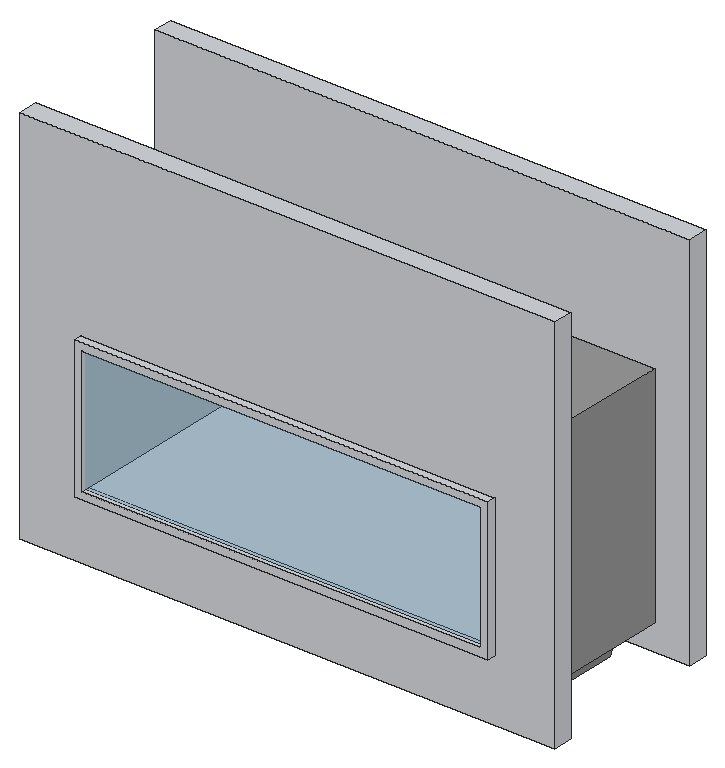
Revit family "TCWS ST Series", category Mechanical Equipment, host Wall, Revit 2017
Family settings
  Host = Wall
  Round Connector Dimension = Use Diameter
  Part Type = Normal
  Always vertical = Yes
  Cut with Voids When Loaded = Yes
  Shared = Yes
  Room Calculation Point = No
Parameters
  UNIT WEIGHT = ""
  STANDARD CONFORMANCE [instance] = ""
  SPECIFICATION = ""
  SALES INFORMATION = ""
  PRODUCT DATA = ""
  MANUFACTURER WEBSITE = ""
  MANUFACTURER PHONE-TOLL FREE = ""
  MANUFACTURER PHONE = ""
  MANUFACTURER FAX = ""
  MANUFACTURER ADDRESS = ""
  INSTALLATION FABRICATION = ""
  HVAC BTU OUTPUT = 0.0 Btu/h
  GREEN BUILDING LEED = ""
  FUEL TYPE [instance] = ""
  FUEL CONSUMPTION [instance] = "AS SPECIFIED"
  FRAME MATERIAL = none
  FLUE CONNECTION WIDTH = 1' - 0 11/16"
  FLUE CONNECTION SIZE = 0' - 6"
  RADIUS = 0' - 5"
  FLUE CONNECTION HEIGHT = 0' - 9 15/16"
  UNIT WIDTH = 5' - 2 7/16"
  UNIT HEIGHT = 2' - 9 13/16"
  UNIT DEPTH = 2' - 0 7/16"
  GAS PIPE CONNECTOR = 0' - 0 1/4"
  MIN NON-COMBUSTIBLE FRAMING SUPPLIED [instance] = yes
  FACE WIDTH = 4' - 5 5/8"
  FACE HEIGHT = 1' - 5 3/4"
  EFFICIENCY RATING [instance] = 0.00%
  CONSTRUCTION DETAILS = ""
  BUILDING CODES = ""
Reference planes (in)
  plane 1: y = 0
  plane 2 "Center (Left/Right)": x = 0
  plane 3 "Wall Edge": y = 26.46875
  plane 4: y = 11.4375
  plane 5: x = -26.8125
  plane 6: x = 26.8125
  plane 7: x = -31.21875
  plane 8: x = 31.21875
  plane 9: y = 25.875
  plane 10: y = 1.4375
  plane 11: x = -18.53125
  plane 12: z = 32.49764
  plane 13: z = 14.74764
  plane 14: z = 23.62264
  plane 15: z = 40.12264
  plane 16: z = 6.31014
  plane 17: z = 4.56014
Forms (in)
  Extrusion 1, solid, material "Zinc"
    sketch origin (0, -1.5, -1.56289) x (1, 0, 0) y (0, 0, 1)
      loop
        line (-31.21875, 41.68553) -> (-31.21875, 12.12303) -> (31.21875, 12.12303) -> (31.21875, 41.68553) -> (-31.21875, 41.68553)
      loop
        line (-26.8125, 34.06053) -> (-26.8125, 15.74803) -> (26.8125, 15.74803) -> (26.8125, 34.06053) -> (-26.8125, 34.06053)
    from -6.5 to -23.375
  Extrusion 2, solid, material "Zinc"
    sketch origin (1.42188, -1.5, -1.56289) x (1, 0, 0) y (0, 0, 1)
      loop
        line (-28.34439, 12.12303) -> (-28.81577, 12.12303) -> (-28.81577, 11.99335) -> (-28.4009, 11.99335) -> (-26.81136, 6.12303) -> (-25.22181, 11.99335) -> (-24.80694, 11.99335) -> (-24.80694, 12.12303) -> (-25.27832, 12.12303) -> (-26.81136, 6.32364) -> (-28.34439, 12.12303)
      loop
        line (25.49674, 12.12303) -> (23.9637, 6.32364) -> (22.43066, 12.12303) -> (21.95928, 12.12303) -> (21.95928, 11.99335) -> (22.37415, 11.99335) -> (23.9637, 6.12303) -> (25.55325, 11.99335) -> (25.96811, 11.99335) -> (25.96811, 12.12303) -> (25.49674, 12.12303)
    from -6.5 to -23.375
  Extrusion 3, solid
    sketch origin (0, -3.5, -1.56289) x (1, 0, 0) y (0, 0, 1)
      loop
        line (-26.8125, 34.06053) -> (-26.8125, 15.74803) -> (26.8125, 15.74803) -> (26.8125, 34.06053) -> (-26.8125, 34.06053)
      loop
        line (-25.8125, 33.06053) -> (-25.8125, 16.74803) -> (25.8125, 16.74803) -> (25.8125, 33.06053) -> (-25.8125, 33.06053)
    from -30.375 to -3.99299
  Extrusion 4, solid, material "Zinc"
    sketch origin (-44.24274, -2.45058, 40.12264) x (1, 0, 0) y (0, 1, 0)
      loop
        circle (25.70075, 13.89173) r 5
    from 0 to 0.5
  Extrusion 5, solid, material "Zinc"
    sketch origin (-44.24274, -2.45058, 40.62264) x (1, 0, 0) y (0, 1, 0)
      loop
        circle (25.70075, 13.89173) r 4
    from 0 to 0.5
  Extrusion 6, solid, material "Glass"
    sketch origin (0, 1, -1.56289) x (1, 0, 0) y (0, 0, 1)
      loop
        line (-25.8125, 33.06053) -> (-25.8125, 16.74803) -> (25.8125, 16.74803) -> (25.8125, 33.06053) -> (-25.8125, 33.06053)
    from 0 to -0.5
  Extrusion 7, solid, visible <- "MIN NON-COMBUSTIBLE FRAMING SUPPLIED"
    sketch origin (0, 1, -1.56289) x (1, 0, 0) y (0, 0, 1)
      loop
        line (34.64861, 57.18553) -> (-34.64861, 57.18553) -> (-34.64861, 7.74487) -> (34.64861, 7.74487) -> (34.64861, 57.18553)
      loop
        line (26.8125, 15.74803) -> (26.8125, 34.06053) -> (-26.8125, 34.06053) -> (-26.8125, 15.74803) -> (26.8125, 15.74803)
    from -0.5 to -3
  Extrusion 8, solid, material "Glass"
    sketch origin (0, 26.375, -1.56289) x (1, 0, 0) y (0, 0, -1)
      loop
        line (-26.8125, -33.06053) -> (25.8125, -33.06053) -> (25.8125, -16.74803) -> (-26.8125, -16.74803) -> (-26.8125, -33.06053)
    from 0 to -0.5
  Extrusion 9, solid, visible <- "MIN NON-COMBUSTIBLE FRAMING SUPPLIED"
    sketch origin (0, 26.375, -1.56289) x (1, 0, 0) y (0, 0, -1)
      loop
        line (34.64861, -57.18553) -> (34.64861, -7.74487) -> (-34.64861, -7.74487) -> (-34.64861, -57.18553) -> (34.64861, -57.18553)
      loop
        line (26.8125, -15.74803) -> (-26.8125, -15.74803) -> (-26.8125, -34.06053) -> (26.8125, -34.06053) -> (26.8125, -15.74803)
    from -0.5 to -3
Lines and regions (in)
  Opening 1
    outline origin (-60, 1.03125, 0) x (1, 0, 0) y (0, 0, 1)
      loop
        line (86.8125, 32.49764) -> (33.1875, 32.49764) -> (33.1875, 14.18514) -> (86.8125, 14.18514) -> (86.8125, 32.49764)
Text (in)
  text "Placement Side" at (0, 40.15149, 123.01588), in view "Right"
  text "Placement Side" at (-86.4371, 48.14744, 0), in view "Ref. Level"
  text "Placement Side" at (0, 81.62555, 140.59947), in view "Left"
Dimensions and locks (in)
  locked: plane 3 "Wall Edge" to host wall
  equal spacing: plane 6, plane 2 "Center (Left/Right)", plane 5  (x2)
  "FACE WIDTH": plane 6 to plane 5
  equal spacing: plane 8, plane 2 "Center (Left/Right)", plane 7  (x2)
  "UNIT WIDTH": plane 8 to plane 7
  "UNIT DEPTH": plane 9 to plane 10
  "FLUE CONNECTION WIDTH": plane 7 to plane 11
  "FLUE CONNECTION HEIGHT": Extrusion 7 to plane 4
  equal spacing: plane 13, plane 14, plane 12
  "FACE HEIGHT": plane 13 to plane 12
  "UNIT HEIGHT": plane 16 to plane 15
  locked: plane 17 to Extrusion 1 at 6
  "RADIUS": radius of Extrusion 4 sketch curve
  aligned and locked: Extrusion 2 sketch curve to Extrusion 1
  aligned and locked: Extrusion 1 to Extrusion 2 sketch curve
  aligned and locked: Extrusion 3 sketch curve to Extrusion 1  (x4)
  aligned and locked: Extrusion 6 sketch curve to Extrusion 3  (x4)
  aligned and locked: Extrusion 1 to plane 7
  aligned and locked: plane 8 to Extrusion 1
  aligned and locked: Extrusion 3 to plane 5
  aligned and locked: Extrusion 3 to plane 6
  aligned and locked: plane 9 to Extrusion 9
  aligned and locked: plane 12 to Opening 1 sketch curve
  aligned and locked: Opening 1 sketch curve to Extrusion 7  (x2)
  aligned and locked: Opening 1 sketch curve to plane 5
  aligned and locked: Extrusion 8 to Extrusion 3  (x3)
  aligned and locked: host wall to Extrusion 8
Automatic sketch dimensions
  Extrusion 1 sketch curve to plane 5 = 0' - 0"
  Extrusion 1 sketch curve to plane 6 = 0' - 0"
  Extrusion 1 sketch curve to plane 5 = 0' - 4 13/32"
  plane 6 to Extrusion 1 sketch curve = 0' - 4 13/32"
  level to Extrusion 1 sketch curve = 0' - 10.56014"
  Extrusion 1 sketch curve to Extrusion 1 sketch curve = 0' - 3 5/8"
  Extrusion 1 sketch curve to Extrusion 1 sketch curve = 1' - 6 5/16"
  Extrusion 1 sketch curve to Extrusion 1 sketch curve = 0' - 7 5/8"
  Extrusion 2 sketch curve to plane 5 = 0' - 0.5814"
  Extrusion 2 sketch curve to plane 5 = 0' - 0.16653"
  Extrusion 2 sketch curve to plane 5 = 0' - 0.11002"
  plane 5 to Extrusion 2 sketch curve = 0' - 1.42302"
  Extrusion 2 sketch curve to Extrusion 2 sketch curve = 0' - 0"  (x3)
  plane 5 to Extrusion 2 sketch curve = 0' - 2.95606"
  Extrusion 2 sketch curve to Extrusion 2 sketch curve = 0' - 0.05651"  (x3)
  Extrusion 2 sketch curve to Extrusion 2 sketch curve = 0' - 0.41487"  (x3)
  Extrusion 2 sketch curve to plane 6 = 0' - 3.43134"
  Extrusion 2 sketch curve to plane 6 = 0' - 1.42693"
  plane 6 to Extrusion 2 sketch curve = 0' - 0.10611"
  level to Extrusion 2 sketch curve = 0' - 4.56014"  (x2)
  Extrusion 2 sketch curve to Extrusion 2 sketch curve = 0' - 0.20061"  (x2)
  Extrusion 2 sketch curve to Extrusion 2 sketch curve = 0' - 0.12968"  (x4)
  Extrusion 2 sketch curve to Extrusion 2 sketch curve = 0' - 5.66971"
  plane 5 to Extrusion 3 sketch curve = 0' - 1"
  Extrusion 3 sketch curve to plane 6 = 0' - 1"
  Extrusion 3 sketch curve to Extrusion 3 sketch curve = 0' - 1"  (x2)
  Extrusion 7 sketch curve to plane 5 = 0' - 0"
  Extrusion 7 sketch curve to plane 6 = 0' - 0"
  Extrusion 7 sketch curve to plane 5 = 0' - 7.83611"
  plane 6 to Extrusion 7 sketch curve = 0' - 7.83611"
  level to Extrusion 7 sketch curve = 0' - 6.18197"
  Extrusion 7 sketch curve to Extrusion 7 sketch curve = 0' - 8.00317"
  Extrusion 7 sketch curve to Extrusion 7 sketch curve = 1' - 6 5/16"
  Extrusion 7 sketch curve to Extrusion 7 sketch curve = 1' - 11 1/8"
  Extrusion 9 sketch curve to plane 5 = 0' - 0"
  Extrusion 9 sketch curve to plane 6 = 0' - 0"
  Extrusion 9 sketch curve to plane 5 = 0' - 7.83611"
  plane 6 to Extrusion 9 sketch curve = 0' - 7.83611"
  level to Extrusion 9 sketch curve = 4' - 7.62264"
  Extrusion 9 sketch curve to Extrusion 9 sketch curve = 1' - 11 1/8"
  level to Extrusion 9 sketch curve = 1' - 2.18514"
  level to Extrusion 9 sketch curve = 0' - 6.18197"
  plane 5 to Extrusion 8 sketch curve = 0' - 0"
  Extrusion 8 sketch curve to plane 6 = 0' - 1"
  Extrusion 8 sketch curve to plane 12 = 0' - 1"
  plane 13 to Extrusion 8 sketch curve = 0' - 0 7/16"
  plane 4 to Extrusion 4 sketch curve = 0' - 0.00366"
  Extrusion 4 sketch curve to plane 11 = 0' - 0.01075"
  radius of Extrusion 5 sketch curve to Extrusion 4 = 0' - 1"
Nested families (in)
  nested 1: "Family2f" at (4.5, 21.875, 10.56014) x (-1, 0, 0) z (0, 0, -1), type "Family2f"
Connectors (in)
  hvac at (-18.542, 11.44116, 41.12264), driven by "FLUE CONNECTION SIZE"
    settings: on Extrusion 5, index 2, duct flow 0 CFM, flow factor 0, pres drop 0.00 in-wg, loss coef 0, conn angle 0.00°, conn width 12", conn height 12", conn diameter 6", duct sys type 3, conn prof type 0, flow config 0, flow direction 0, loss method 0, conn ref index -1, conn util no, is conn primary yes, conn desc ""
  electrical at (-8.61121, 12.47748, 4.56014)
    settings: on nested 1, index 3, voltage 0 V, apparent load 0 VA, apparent load phase1 0 VA, apparent load phase2 0 VA, apparent load phase3 0 VA, power factor 1, load classification "Other", number of poles 1, system type 14, power factor state 1, is connector primary yes, connector utility no, sub classification motor no, connector description ""
  piping at (-8.72242, 6.32996, 9.06014), diameter 0.25, driven by "GAS PIPE CONNECTOR"
    settings: on nested 1, index 4, connector inside diameter 24", connector length 0' - 0", flow factor 0, pipe flow 0 GPM, pressure drop 0.00 psi, fitting loss kfactor 0, connector angle 0.00°, fixture units 0, engagement length 0' - 0", angle of deflection 0.00°, flow configuration 0, flow direction 0, fitting loss method 0, system type 29, joint type 0, gender type 0, connector reference index -1, connector utility 0, adjustable connector no, is connector primary yes, connector description ""
Definition of nested family "Family2f"
  Parameters (values of type "Family2f")
    Default Elevation = 4' - 0"
  Reference planes (in)
    plane 1 "Center (Front/Back)": y = 0
    plane 2: z = 0
    plane 3 "Center (Left/Right)": x = 0
  Forms (in)
    Extrusion 1, solid
      sketch origin (0, 0, 0) x (1, 0, 0) y (0, 1, 0)
        loop
          line (-48, 48) -> (-48, -48) -> (48, -48) -> (48, 48) -> (-48, 48)
      from 0 to -12
    Extrusion 2, solid
      sketch origin (0, 0, 0) x (1, 0, 0) y (0, 1, 0)
        loop
          line (3.72242, -15.54504) -> (22.5, -15.54504) -> (22.5, -3.25) -> (3.72242, -3.25) -> (3.72242, -15.54504)
      from 0 to 6
  Dimensions and locks (in)
    aligned and locked: plane 2 to Extrusion 1
    aligned and locked: level to Extrusion 1
